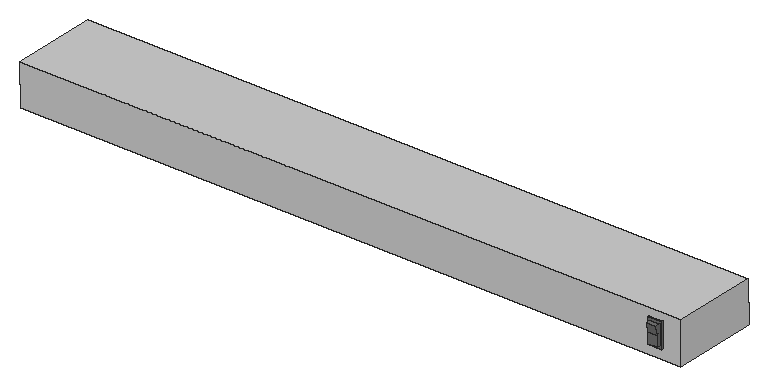
Revit family "QF_INOMAK_XWH11_250610020926", category Specialty Equipment, Revit 2021
Family settings
  Round Connector Dimension = Use Diameter
  Part Type = Normal
  OmniClass Number = 23.40.40.14
  OmniClass Title = Food Service Equipment
  Work Plane-Based = No
  Always vertical = Yes
  Cut with Voids When Loaded = No
  Shared = No
  Room Calculation Point = No
Parameters (values of type "XWH11")
  Weight [instance] = 3.80 kg
  Warranty Start Date [instance] = ""
  Warranty Duration [instance] = ""
  Volts [instance] = 230 V
  Volt Free Conn [instance] = no
  URL Recommended Spares List [instance] = ""
  URL Manufacturer [instance] = ""
  URL Cutsheet [instance] = ""
  URL Critical Spares List [instance] = ""
  URL = "www.inomak.com"
  Technical Documentation [instance] = ""
  Tag Number [instance] = ""
  Status [instance] = ""
  Start Up Current [instance] = 0 A
  Specification by User [instance] = ""
  Specification by Manufacturer [instance] = ""
  Sound Level [instance] = ""
  Show Logo [instance] = yes
  Show Clearances [instance] = yes
  Service Life Duration [instance] = ""
  Serial Number [instance] = ""
  Seismic Rating [instance] = ""
  SMACNA No [instance] = ""
  Revision Code [instance] = ""
  Revision [instance] = ""
  Production Year [instance] = ""
  Potential Equalisation [instance] = no
  Point Load [instance] = 0
  Phase [instance] = 1
  Other Equipment Approvals [instance] = ""
  Operational Current [instance] = 0 A
  Number of Poles [instance] = 2
  No Load Power Draw [instance] = no
  NAFEM Spec ID Number [instance] = ""
  Model Warning [instance] = ""
  Model = "XWH11"
  Min Ckt Ampacity [instance] = 0 A
  Max Overcurrent Protection [instance] = 10 A
  Masterspec [instance] = ""
  Manufacturer = "INOMAK"
  Main switch integrated [instance] = no
  Length Actual [instance] = 950 mm
  Item Number [instance] = ""
  Installed By [instance] = ""
  Installation Date [instance] = ""
  Identify Quantity as Lot [instance] = no
  ID [instance] = ""
  Hygiene Approval [instance] = ""
  Height Actual [instance] = 60 mm
  HP power [instance] = ""
  Furnished By [instance] = ""
  Foodservice Equipment Identifier [instance] = no
  FL Amps [instance] = 1.69 A
  Electrical Remarks [instance] = ""
  Electric power [instance] = 390 W
  Electric Connection Type [instance] = ""
  Elec Conn RI Height [instance] = 0 mm
  Elec Conn Connection Height [instance] = 0 mm
  ETL Approved [instance] = no
  Description = "HEATING ELEMENTS, 3 HALOGEN LAMPS"
  Depth Actual [instance] = 122 mm
  Default Elevation = 0 mm
  Cycle [instance] = 50 Hz
  Cost = 0
  Connection to energy optimisation system [instance] = yes
  Conn Plug [instance] = ""
  Conn Conduit [instance] = no
  Centralized building control system with digital interface [instance] = ""
  CSI MasterFormat [instance] = ""
  CE Approved [instance] = no
  Barcode [instance] = 0
  Author [instance] = ""
  Asset Identifier [instance] = ""
  Apparent Power [instance] = 390 VA
  Accessory [instance] = no
Reference planes
  plane 1 "Center (Front/Back)": y = 0
  plane 2: z = 0
  plane 3 "Center (Left/Right)": x = 0
Forms (mm)
  Extrusion 1, solid, not visible
    sketch origin (30.001, 59.003, -30.001) x (1, 0, 0) y (0, 1, 0)
      loop
        line (-2, 2) -> (-2, -2) -> (2, -2) -> (2, 2) -> (-2, 2)
    from -2 to 2
Dimensions and locks
  locked: nested 2 to Extrusion 1
  locked: nested 2 to Extrusion 1 at 2
  aligned and locked: level to plane 2
Nested families
  nested 1: "QF_INOMAK_HEATING_ELEMENT_950_2920" at (0, 0, 0), type "XWH11"
    with Weight 3.80 kg, Warranty Start Date "", Warranty Duration "", URL Cutsheet "", Technical Documentation "", Tag Number "", Status "", Specification by User "", Specification by Manufacturer "", Sound Level "", Solid Fuel Type "", Show Logo yes, Show Clearances yes, Service Life Duration "", Serial Number "", Seismic Rating "", SMACNA No "", Revision Code "", Revision "", Production Year "", Point Load 0, Other Equipment Approvals "", NAFEM Spec ID Number "", Model Warning "", Masterspec "", Length Actual 950 mm, Item Number "", Installed By "", Installation Date "", Identify Quantity as Lot yes, ID "", Hygiene Approval "", Height Actual 60 mm, Height AFF 0 mm, Furnished By "", Foodservice Equipment Identifier yes, ETL Approved yes, Depth Actual 122 mm, CSI MasterFormat "", CE Approved yes, Barcode "", Author "", Asset Identifier "", Accessory no
  nested 2: "CONN_POINT_ELE_2D___Generic_Annotation" at (30.001, 61.003, -30.001), type "CONN_POINT_ELE_2D___Generic_Annotation"
    with Onboard connection annotation symbol visibility yes
Connectors
  electrical at (30.001, 61.003, -30.001), driven by "Apparent Power", driven by "Number of Poles", driven by "Volts"
    settings: on Extrusion 1, index 1, voltage 230 V, apparent load 0 VA, apparent load phase1 390 VA, apparent load phase2 0 VA, apparent load phase3 0 VA, power factor 1, load classification "Other", number of poles 2, system type 31, power factor state 1, is connector primary yes, connector utility no, sub classification motor no, connector description "Electrical connection for XWH11"
Definition of nested family "QF_INOMAK_HEATING_ELEMENT_950_2920"
  Parameters (values of type "XWH11")
    Weight [instance] = 0.00 kg
    Warranty Start Date [instance] = ""
    Warranty Duration [instance] = ""
    URL Cutsheet [instance] = ""
    URL = "www.inomak.com"
    Technical Documentation [instance] = ""
    Tag Number [instance] = ""
    Status [instance] = ""
    Specification by User [instance] = ""
    Specification by Manufacturer [instance] = ""
    Sound Level [instance] = ""
    Solid Fuel Type [instance] = ""
    Show Logo [instance] = yes
    Show Clearances [instance] = yes
    Service Life Duration [instance] = ""
    Serial Number [instance] = ""
    Seismic Rating [instance] = ""
    SMACNA No [instance] = ""
    Revision Code [instance] = ""
    Revision [instance] = ""
    Production Year [instance] = ""
    Point Load [instance] = 0
    Other Equipment Approvals [instance] = ""
    NAFEM Spec ID Number [instance] = ""
    Model Warning [instance] = ""
    Model = "XWH11"
    Masterspec [instance] = ""
    Manufacturer = "INOMAK"
    Length Actual [instance] = 0 mm
    Item Number [instance] = ""
    Installed By [instance] = ""
    Installation Date [instance] = ""
    Identify Quantity as Lot [instance] = yes
    ID [instance] = ""
    Hygiene Approval [instance] = ""
    Height Actual [instance] = 0 mm
    Height AFF [instance] = 0 mm
    Furnished By [instance] = ""
    Foodservice Equipment Identifier [instance] = yes
    ETL Approved [instance] = yes
    Description = "HEATING ELEMENTS, 3 HALOGEN LAMPS"
    Depth Actual [instance] = 0 mm
    Default Elevation = 0 mm
    CSI MasterFormat [instance] = ""
    CE Approved [instance] = yes
    Barcode [instance] = ""
    Author [instance] = ""
    Asset Identifier [instance] = ""
    Assembly Code = "E1090320"
    Accessory [instance] = yes
  Reference planes
    plane 1 "Back": y = 0
    plane 2: z = 0
    plane 3 "Left": x = 0
    plane 4 "Right": x = 950
    plane 5 "Front": y = -61
    plane 6 "Bottom": z = 0
    plane 7: y = 61
    plane 8: z = 60
    plane 9 "Center Left Right": x = 475
  Forms (mm)
    Extrusion 1, solid
      sketch origin (-9.264, 1899.136, 0) x (0, 1, 0) y (-1, 0, 0)
        loop
          line (-1838.136, -9.264) -> (-1960.136, -9.264) -> (-1960.136, -959.264) -> (-1838.136, -959.264) -> (-1838.136, -9.264)
        loop
          line (-1863.136, -34.264) -> (-1935.136, -34.264) -> (-1935.136, -934.264) -> (-1863.136, -934.264) -> (-1863.136, -34.264)
      from 0 to 35
    Extrusion 2, solid
      sketch origin (0, 61, 60) x (0, 1, 0) y (-1, 0, 0)
        loop
          line (0, 0) -> (-122, 0) -> (-122, -950) -> (0, -950) -> (0, 0)
      from 0 to -25
    Extrusion 3, solid
      sketch origin (-9.264, 1899.136, 0) x (0, 1, 0) y (-1, 0, 0)
        loop
          line (-1863.136, -214.264) -> (-1935.136, -214.264) -> (-1935.136, -394.264) -> (-1863.136, -394.264) -> (-1863.136, -214.264)
      from 0 to 35
    Extrusion 4, solid
      sketch origin (-9.264, 1899.136, 0) x (0, 1, 0) y (-1, 0, 0)
        loop
          line (-1863.136, -754.264) -> (-1863.136, -574.264) -> (-1935.136, -574.264) -> (-1935.136, -754.264) -> (-1863.136, -754.264)
      from 0 to 35
    Extrusion 5, solid
      sketch origin (-9.264, 1899.136, 0) x (0, 1, 0) y (-1, 0, 0)
        loop
          line (-1863.136, -34.264) -> (-1935.136, -34.264) -> (-1935.136, -214.264) -> (-1863.136, -214.264) -> (-1863.136, -34.264)
        loop
          line (-1868.136, -39.264) -> (-1930.136, -39.264) -> (-1930.136, -209.264) -> (-1868.136, -209.264) -> (-1868.136, -39.264)
      from -2 to 35
    Extrusion 6, solid
      sketch origin (0, 61, 1000) x (0, 1, 0) y (0, 0, 1)
        loop
          line (-30, -1000) -> (-30, -965) -> (-92, -965) -> (-92, -1000) -> (-87.07, -987.66)
          arc (-87.07, -987.66) -> (-61, -970.002) -> (-34.93, -987.66) r 28.074
          line (-34.93, -987.66) -> (-30, -1000)
      from 30 to 200
    Extrusion 7, solid
      sketch origin (0, 61, 1000) x (0, 1, 0) y (0, 0, 1)
        loop
          circle (-61, -985.002) r 10
      from 30 to 200
    Extrusion 8, solid
      sketch origin (-9.264, 1899.136, 0) x (0, 1, 0) y (-1, 0, 0)
        loop
          line (-1863.136, -394.264) -> (-1935.136, -394.264) -> (-1935.136, -574.264) -> (-1863.136, -574.264) -> (-1863.136, -394.264)
        loop
          line (-1868.136, -399.264) -> (-1930.136, -399.264) -> (-1930.136, -569.264) -> (-1868.136, -569.264) -> (-1868.136, -399.264)
      from -2 to 35
    Extrusion 9, solid
      sketch origin (360, 61, 1000) x (0, 1, 0) y (0, 0, 1)
        loop
          line (-30, -1000) -> (-30, -965) -> (-92, -965) -> (-92, -1000) -> (-87.07, -987.66)
          arc (-87.07, -987.66) -> (-61, -970.002) -> (-34.93, -987.66) r 28.074
          line (-34.93, -987.66) -> (-30, -1000)
      from 30 to 200
    Extrusion 10, solid
      sketch origin (360, 61, 1000) x (0, 1, 0) y (0, 0, 1)
        loop
          circle (-61, -985.002) r 10
      from 30 to 200
    Extrusion 11, solid
      sketch origin (-9.264, 1899.136, 0) x (0, 1, 0) y (-1, 0, 0)
        loop
          line (-1863.136, -754.264) -> (-1935.136, -754.264) -> (-1935.136, -934.264) -> (-1863.136, -934.264) -> (-1863.136, -754.264)
        loop
          line (-1868.136, -759.264) -> (-1930.136, -759.264) -> (-1930.136, -929.264) -> (-1868.136, -929.264) -> (-1868.136, -759.264)
      from -2 to 35
    Extrusion 12, solid
      sketch origin (720, 61, 1000) x (0, 1, 0) y (0, 0, 1)
        loop
          line (-30, -1000) -> (-30, -965) -> (-92, -965) -> (-92, -1000) -> (-87.07, -987.66)
          arc (-87.07, -987.66) -> (-61, -970.002) -> (-34.93, -987.66) r 28.074
          line (-34.93, -987.66) -> (-30, -1000)
      from 30 to 200
    Extrusion 13, solid
      sketch origin (720, 61, 1000) x (0, 1, 0) y (0, 0, 1)
        loop
          circle (-61, -985.002) r 10
      from 30 to 200
    Extrusion 14, solid
      sketch origin (-25, -64, 1000) x (-1, 0, 0) y (0, 0, 1)
        loop
          line (-950, -985) -> (-930, -985) -> (-930, -950) -> (-950, -950) -> (-950, -985)
      from 0 to 3
    Extrusion 15, solid
      sketch origin (3, 61, 1000) x (0, 1, 0) y (0, 0, 1)
        loop
          line (-125, -982) -> (-125, -953)
          arc (-125, -953) -> (-127.961, -953.188) -> (-130.754, -954.19) r 10.576
          line (-130.754, -954.19) -> (-128, -967.5) -> (-128, -982) -> (-125, -982)
      from 905 to 919
  Cuts and joins
    joined: Extrusion 1, Extrusion 2, Extrusion 3, Extrusion 4
  Lines and regions (mm)
    symbolic lines
      curve 1: line (0, 61, 0) -> (950, 61, 0)
      curve 2: line (0, -61, 0) -> (0, 61, 0)
      curve 3: line (950, -61, 0) -> (0, -61, 0)
      curve 4: line (950, 61, 0) -> (950, -61, 0)
      curve 5: circle (0, 0, 0) r 0.2 normal (0, 0, 1)
      curve 6: circle (950, 0, 0) r 0.2 normal (0, 0, 1)
    reference lines
      curve 7: line (475, 61, 0) -> (475, -61, 0)
  Dimensions and locks
    plane 3 "Left" to plane 4 "Right" = 950 mm
    plane 5 "Front" to plane 1 "Back" = 61 mm
    locked: plane 8 to plane 6 "Bottom" at 60
    "Height AFF": plane 6 "Bottom" to plane 2
    equal spacing: plane 3 "Left", plane 9 "Center Left Right", plane 4 "Right"
    "Height AFF": curve 7 to plane 2
    aligned and locked: level to plane 2
    aligned and locked: plane 3 "Left" to curve 5
    aligned and locked: plane 1 "Back" to curve 5
    aligned and locked: plane 4 "Right" to curve 6
  Automatic sketch dimensions
    Extrusion 6 sketch curve to plane 6 "Bottom" = 0 mm  (x2)
    Extrusion 6 sketch curve to plane 1 "Back" = 0 mm
    plane 6 "Bottom" to Extrusion 6 sketch curve = 12.34 mm  (x2)
    plane 1 "Back" to Extrusion 6 sketch curve = 26.07 mm
    Extrusion 6 sketch curve to Extrusion 6 sketch curve = 4.93 mm  (x2)
    plane 6 "Bottom" to Extrusion 6 sketch curve = 1.925 mm
    Extrusion 6 sketch curve to Extrusion 6 sketch curve = 22.66 mm
    Extrusion 7 sketch curve to plane 1 "Back" = 0 mm
    plane 6 "Bottom" to Extrusion 7 sketch curve = 14.998 mm
    Extrusion 9 sketch curve to plane 6 "Bottom" = 0 mm  (x2)
    Extrusion 9 sketch curve to plane 1 "Back" = 0 mm
    plane 6 "Bottom" to Extrusion 9 sketch curve = 12.34 mm  (x2)
    plane 1 "Back" to Extrusion 9 sketch curve = 26.07 mm
    Extrusion 9 sketch curve to Extrusion 9 sketch curve = 4.93 mm  (x2)
    plane 6 "Bottom" to Extrusion 9 sketch curve = 1.925 mm
    Extrusion 9 sketch curve to Extrusion 9 sketch curve = 22.66 mm
    Extrusion 10 sketch curve to plane 1 "Back" = 0 mm
    plane 6 "Bottom" to Extrusion 10 sketch curve = 14.998 mm
    Extrusion 12 sketch curve to plane 6 "Bottom" = 0 mm  (x2)
    Extrusion 12 sketch curve to plane 1 "Back" = 0 mm
    plane 6 "Bottom" to Extrusion 12 sketch curve = 12.34 mm  (x2)
    plane 1 "Back" to Extrusion 12 sketch curve = 26.07 mm
    Extrusion 12 sketch curve to Extrusion 12 sketch curve = 4.93 mm  (x2)
    plane 6 "Bottom" to Extrusion 12 sketch curve = 1.925 mm
    Extrusion 12 sketch curve to Extrusion 12 sketch curve = 22.66 mm
    Extrusion 13 sketch curve to plane 1 "Back" = 0 mm
    plane 6 "Bottom" to Extrusion 13 sketch curve = 14.998 mm
    Extrusion 14 sketch curve to plane 8 = 10 mm
    plane 4 "Right" to Extrusion 14 sketch curve = 25 mm
    Extrusion 14 sketch curve to Extrusion 14 sketch curve = 20 mm
    plane 6 "Bottom" to Extrusion 14 sketch curve = 15 mm
    Extrusion 15 sketch curve to plane 5 "Front" = 8.754 mm
    Extrusion 15 sketch curve to plane 5 "Front" = 6 mm
    Extrusion 15 sketch curve to plane 5 "Front" = 3.818 mm
    Extrusion 15 sketch curve to plane 5 "Front" = 3 mm
    plane 6 "Bottom" to Extrusion 15 sketch curve = 18 mm
    Extrusion 15 sketch curve to Extrusion 15 sketch curve = 14.5 mm
    Extrusion 15 sketch curve to Extrusion 15 sketch curve = 3.955 mm
    Extrusion 15 sketch curve to Extrusion 15 sketch curve = 9.354 mm
    plane 5 "Front" to Extrusion 5 sketch curve = 25 mm
    Extrusion 5 sketch curve to Extrusion 5 sketch curve = 5 mm  (x4)
    Extrusion 5 sketch curve to plane 7 = 30 mm
    plane 3 "Left" to Extrusion 5 sketch curve = 205 mm
    plane 3 "Left" to Extrusion 5 sketch curve = 30 mm
    plane 5 "Front" to Extrusion 8 sketch curve = 25 mm
    Extrusion 8 sketch curve to Extrusion 8 sketch curve = 5 mm  (x4)
    Extrusion 8 sketch curve to plane 7 = 30 mm
    plane 4 "Right" to Extrusion 8 sketch curve = 385 mm
    Extrusion 8 sketch curve to Extrusion 8 sketch curve = 170 mm
    plane 5 "Front" to Extrusion 11 sketch curve = 25 mm
    Extrusion 11 sketch curve to Extrusion 11 sketch curve = 5 mm  (x4)
    Extrusion 11 sketch curve to plane 7 = 30 mm
    plane 4 "Right" to Extrusion 11 sketch curve = 25 mm
    Extrusion 11 sketch curve to Extrusion 11 sketch curve = 170 mm
    Extrusion 1 sketch curve to plane 4 "Right" = 0 mm
    Extrusion 1 sketch curve to plane 5 "Front" = 0 mm
    Extrusion 1 sketch curve to plane 3 "Left" = 0 mm
    Extrusion 1 sketch curve to plane 7 = 0 mm
    plane 5 "Front" to Extrusion 1 sketch curve = 25 mm
    Extrusion 1 sketch curve to plane 7 = 25 mm
    plane 4 "Right" to Extrusion 1 sketch curve = 25 mm
    plane 3 "Left" to Extrusion 1 sketch curve = 25 mm
    Extrusion 2 sketch curve to plane 3 "Left" = 0 mm
    Extrusion 2 sketch curve to plane 5 "Front" = 0 mm
    Extrusion 2 sketch curve to plane 7 = 0 mm
    Extrusion 2 sketch curve to plane 4 "Right" = 0 mm
    plane 5 "Front" to Extrusion 3 sketch curve = 25 mm
    Extrusion 3 sketch curve to plane 7 = 25 mm
    plane 3 "Left" to Extrusion 3 sketch curve = 385 mm
    Extrusion 3 sketch curve to Extrusion 3 sketch curve = 180 mm
    plane 5 "Front" to Extrusion 4 sketch curve = 25 mm
    Extrusion 4 sketch curve to plane 7 = 25 mm
    plane 4 "Right" to Extrusion 4 sketch curve = 205 mm
    Extrusion 4 sketch curve to Extrusion 4 sketch curve = 180 mm
    curve 1 to plane 3 "Left" = 0 mm
    curve 4 to plane 4 "Right" = 0 mm
    plane 1 "Back" to curve 6 = 0 mm
    curve 3 to plane 5 "Front" = 0 mm
    curve 2 to plane 7 = 0 mm
    curve 7 to plane 5 "Front" = 0 mm
    curve 7 to plane 7 = 0 mm
    radius of Extrusion 7 sketch curve = 10 mm
    radius of Extrusion 10 sketch curve = 10 mm
    radius of Extrusion 13 sketch curve = 10 mm
    radius of curve 5 = 0.2 mm
    radius of curve 6 = 0.2 mm
Definition of nested family "CONN_POINT_ELE_2D___Generic_Annotation"
  Parameters (values of type "CONN_POINT_ELE_2D___Generic_Annotation")
    Onboard connection annotation symbol visibility [instance] = yes
  Reference planes
    plane 1: y = 0
    plane 2: x = 0
  Lines and regions (mm)
    detail lines, visible <- "Onboard connection annotation symbol visibility"
      curve 1: circle (0, 0, 0) r 0.5 normal (0, 0, 1)
      curve 2: line (-1, 0, 0) -> (1, 0, 0)
      curve 3: line (0, 1, 0) -> (0, -1, 0)
      curve 4: line (2.5, 1, 0) -> (1.25, 1, 0)
      curve 5: line (1.25, 1, 0) -> (1.25, -1, 0)
      curve 6: line (1.25, -1, 0) -> (2.5, -1, 0)
      curve 7: line (1.25, 0, 0) -> (2, 0, 0)
